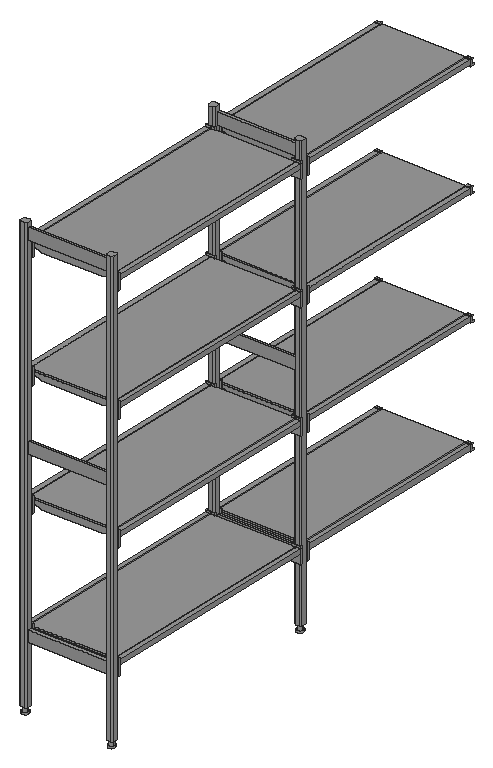
Revit family "QF_ZANUSSI_137061_ACS1752", category Attrezzature speciali, Revit 2020 (continued)
Definition of nested family "WT_Aggancio373"
  Dimensions and locks
    "Depth": plane 3 "BACK" to plane 4 "FRONT"
    "Dint": plane 7 to plane 8
    equal spacing: plane 7, plane 6 "Center (Front/Back)", plane 8
    equal spacing: plane 3 "BACK", plane 6 "Center (Front/Back)", plane 4 "FRONT"
    plane 9 "FEET" to level = 25.0 mm
    plane 5 "TOP" to plane 9 "FEET" = 1700.0 mm
    plane 10 to plane 9 "FEET" = 250.0 mm
    plane 11 to plane 10 = 450.0 mm
    plane 12 to plane 11 = 450.0 mm
    plane 13 to plane 12 = 450.0 mm
    locked: plane 3 "BACK" to plane 15 "CYBack" at 17.5
    locked: plane 16 "CYFront" to plane 4 "FRONT" at 17.5
    aligned and locked: level to plane 1
    aligned and locked: Extrusion 1 sketch curve to Extrusion 1 sketch curve  (x3)
  Automatic sketch dimensions
    plane 16 "CYFront" to Extrusion 1 sketch curve = 1.478 mm  (x4)
    Extrusion 1 sketch curve to Extrusion 1 sketch curve = 2.0 mm
    plane 8 to Extrusion 1 sketch curve = 3.478 mm  (x4)
    Extrusion 1 sketch curve to plane 10 = 4.006 mm
    Extrusion 1 sketch curve to Extrusion 1 sketch curve = 34.0 mm  (x4)
    Extrusion 1 sketch curve to plane 11 = 4.006 mm
    Extrusion 1 sketch curve to plane 12 = 4.006 mm
    Extrusion 1 sketch curve to plane 13 = 4.006 mm
    Extrusion 1 sketch curve to plane 7 = 37.522 mm  (x4)
    Extrusion 1 sketch curve to plane 7 = 3.522 mm  (x4)
    plane 14 to Extrusion 1 sketch curve = 3.516 mm  (x4)
    plane 14 to Extrusion 1 sketch curve = 1.522 mm  (x4)
    plane 10 to Extrusion 1 sketch curve = 7.998 mm  (x2)
    Extrusion 1 sketch curve to Extrusion 1 sketch curve = 11.498 mm  (x4)
    Extrusion 1 sketch curve to Extrusion 1 sketch curve = 6.499 mm  (x8)
    plane 11 to Extrusion 1 sketch curve = 7.998 mm  (x2)
    plane 12 to Extrusion 1 sketch curve = 7.998 mm  (x2)
    plane 13 to Extrusion 1 sketch curve = 7.998 mm  (x2)
    plane 2 "LEFT" to Extrusion 2 sketch curve = 0.0 mm  (x4)
    plane 13 to Extrusion 2 sketch curve = 7.996 mm
    plane 11 to Extrusion 2 sketch curve = 7.996 mm
    Extrusion 2 sketch curve to Extrusion 2 sketch curve = 5.0 mm  (x4)
    plane 11 to Extrusion 2 sketch curve = 2.494 mm
    plane 10 to Extrusion 2 sketch curve = 28.996 mm
    Extrusion 2 sketch curve to Extrusion 2 sketch curve = 3.0 mm  (x4)
    plane 10 to Extrusion 2 sketch curve = 7.996 mm
    plane 10 to Extrusion 2 sketch curve = 2.494 mm
    Extrusion 2 sketch curve to Extrusion 2 sketch curve = 18.0 mm  (x3)
    plane 12 to Extrusion 2 sketch curve = 2.494 mm
    plane 12 to Extrusion 2 sketch curve = 7.996 mm
    plane 13 to Extrusion 2 sketch curve = 2.494 mm
    plane 2 "LEFT" to Extrusion 3 sketch curve = 0.0 mm  (x4)
    plane 13 to Extrusion 3 sketch curve = 7.996 mm
    plane 11 to Extrusion 3 sketch curve = 7.996 mm
    Extrusion 3 sketch curve to Extrusion 3 sketch curve = 5.0 mm  (x4)
    plane 11 to Extrusion 3 sketch curve = 2.494 mm
    plane 10 to Extrusion 3 sketch curve = 28.996 mm
    Extrusion 3 sketch curve to Extrusion 3 sketch curve = 3.0 mm  (x4)
    plane 10 to Extrusion 3 sketch curve = 7.996 mm
    plane 10 to Extrusion 3 sketch curve = 2.494 mm
    Extrusion 3 sketch curve to Extrusion 3 sketch curve = 18.0 mm  (x3)
    plane 12 to Extrusion 3 sketch curve = 2.494 mm
    plane 12 to Extrusion 3 sketch curve = 7.996 mm
    plane 13 to Extrusion 3 sketch curve = 2.494 mm
    plane 2 "LEFT" to curve 1 = 5.0 mm
    plane 2 "LEFT" to curve 7 = 5.0 mm
    curve 1 to plane 16 "CYFront" = 17.5 mm
    curve 3 to plane 8 = 12.522 mm
    plane 7 to curve 5 = 12.478 mm
    curve 7 to plane 14 = 17.5 mm
    curve 5 to curve 5 = 4.0 mm
    curve 1 to curve 4 = 4.0 mm
    Extrusion 2 sketch curve to Extrusion 2 sketch curve = 4.0 mm  (x4)
    Extrusion 2 sketch curve to Extrusion 2 sketch curve = 8.969 mm  (x4)
    Extrusion 3 sketch curve to Extrusion 3 sketch curve = 4.0 mm  (x4)
    Extrusion 3 sketch curve to Extrusion 3 sketch curve = 8.969 mm  (x4)
